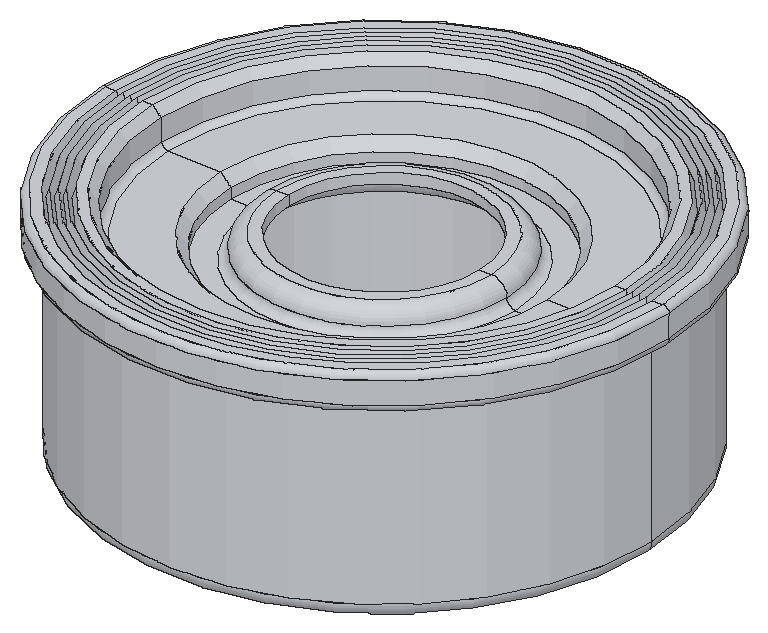
Revit family "Disc Check Valve R60WY001", category Plumbing Fixtures, Revit 2015
Reference planes
  plane 1 "Center (Front/Back)": y = 0
  plane 2: z = 0
  plane 3 "Center (Left/Right)": x = 0
  plane 4: x = -18.487
  plane 5: x = 23.488
  plane 6: x = -23.512
  plane 7: x = -11.423
  plane 8: x = 18.577
  plane 9: x = -9.958
  plane 10: x = 10
  plane 11: x = -10
  plane 12: z = 19
Forms (mm)
  Revolve 1, solid
    sketch origin (0, 0, 3) x (1, 0, 0) y (0, 0, 1)
      loop
        line (-10, -0.026) -> (-11.714, -0.026)
        arc (-11.714, -0.026) -> (-11.999, -0.715) -> (-12.688, -1) r 0.974
        line (-12.688, -1) -> (-16.398, -1)
        arc (-16.398, -1) -> (-17.875, -0.388) -> (-18.487, 1.089) r 2.089
        line (-18.487, 1.089) -> (-18.487, 15.227) -> (-19.135, 16) -> (-19.932, 16) -> (-20.21, 15.22) -> (-20.488, 16) -> (-20.766, 15.22) -> (-21.043, 16) -> (-21.321, 15.22) -> (-21.599, 16) -> (-21.876, 15.22) -> (-22.154, 16) -> (-22.979, 16)
        arc (-22.979, 16) -> (-23.358, 15.843) -> (-23.516, 15.463) r 0.537
        line (-23.516, 15.463) -> (-23.516, 13.623)
        arc (-23.516, 13.623) -> (-23.333, 13.182) -> (-22.893, 13) r 0.623
        line (-22.893, 13) -> (-22.093, 13) -> (-22.093, -1.86)
        arc (-22.093, -1.86) -> (-21.842, -2.585) -> (-21.199, -3) r 1.173
        line (-21.199, -3) -> (-19.65, -3) -> (-19.373, -2.22) -> (-19.095, -3) -> (-18.817, -2.22) -> (-18.539, -3) -> (-18.262, -2.22) -> (-17.984, -3) -> (-17.706, -2.22) -> (-17.429, -3) -> (-17.151, -2.22) -> (-16.873, -3) -> (-16.595, -2.22) -> (-11.007, -2.22) -> (-10, -1.488) -> (-10, -0.026)
      axis (0, -3) -> (0, 16)
    angle from 0 to 360
  Revolve 2, solid
    sketch origin (0, 0, 3) x (1, 0, 0) y (0, 0, 1)
      loop
        line (-12.716, -1.006) -> (-12.716, 10.289) -> (-13.502, 10.289) -> (-13.502, 11.289) -> (-12.716, 11.289) -> (-12.716, 12.089) -> (-13.502, 13) -> (-17.894, 13)
        arc (-17.894, 13) -> (-18.301, 13.173) -> (-18.515, 13.559) r 0.678
        line (-18.515, 13.559) -> (-18.515, 0.784)
        arc (-18.515, 0.784) -> (-17.773, -0.5) -> (-16.381, -1.006) r 2.167
        line (-16.381, -1.006) -> (-12.716, -1.006)
      axis (0, -1.006) -> (0, 13.559)
    angle from 0 to 360
  Revolve 3, solid
    sketch origin (0, 0, 5.68) x (1, 0, 0) y (0, 0, 1)
      loop
        line (-13.502, 7.808) -> (-10.814, 7.808)
        arc (-10.814, 7.808) -> (-9.781, 8.22) -> (-9.315, 9.229) r 1.501
        arc (-9.315, 9.229) -> (-9.097, 9.599) -> (-8.693, 9.745) r 0.633
        line (-8.693, 9.745) -> (-7.91, 9.745) -> (-7.91, 10.581) -> (-8.852, 10.581)
        arc (-8.852, 10.581) -> (-9.744, 10.212) -> (-10.113, 9.31) r 1.261
        arc (-10.113, 9.31) -> (-10.318, 8.814) -> (-10.814, 8.608) r 0.701
        line (-10.814, 8.608) -> (-13.502, 8.608) -> (-13.502, 7.808)
      axis (0, 7.808) -> (0, 10.581)
    angle from 0 to 360
  Revolve 4, solid
    sketch origin (0.772, 0.028, 0.186) x (1, 0, 0) y (0, 0, 1)
      loop
        arc (-13.072, 3.588) -> (-13.472, 3.188) -> (-13.072, 2.788) r 0.4
        line (-13.072, 2.788) -> (-12.262, 2.788) -> (-12.262, 1.985) -> (-10.321, 1.985) -> (-10.321, 2.926) -> (-0.772, 2.926) -> (-0.772, 3.846) -> (-10.321, 3.846) -> (-11.126, 3.588) -> (-13.072, 3.588)
      axis (-0.772, 1.985) -> (-0.772, 3.846)
    angle from 0 to 360
  Revolve 5, solid, not visible
    sketch origin (41.479, 22.575, -19.918) x (1, 0, 0) y (0, 0, 1)
      loop
        arc (-9.844, 4.789) -> (-10.244, 4.389) -> (-9.844, 3.989) r 0.4
        line (-9.844, 3.989) -> (-9.034, 3.989) -> (-9.034, 3.186) -> (-7.093, 3.186) -> (-7.093, 4.126) -> (0, 4.126) -> (0, 5.047) -> (-7.093, 5.047) -> (-7.898, 4.789) -> (-9.844, 4.789)
      axis (0, 3.186) -> (0, 5.047)
    angle from 0 to 360
Dimensions and locks
  Revolve 1 sketch curve to Revolve 1 sketch curve = 23.516 mm
  locked: plane 5 to plane 6 at 47
  locked: plane 9 to plane 10 at 19.958
  Revolve 1 to Revolve 1 = 19 mm
  locked: level to plane 12 at 19
  aligned and locked: level to plane 2
